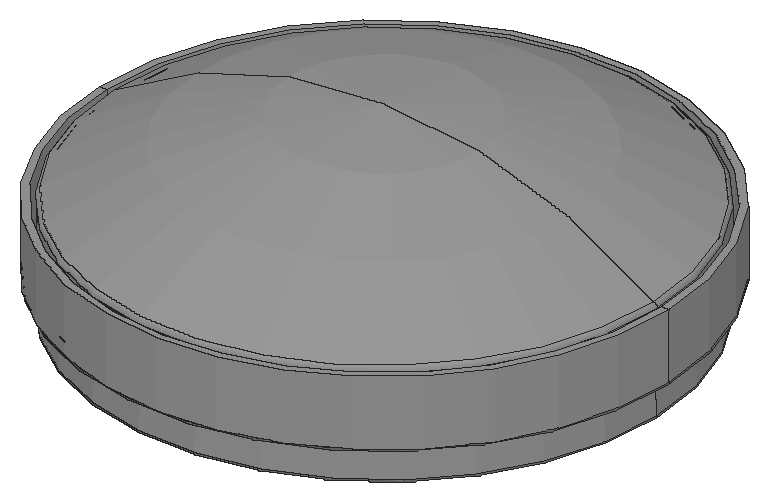
Revit family "3034809 Sylvania Lighting Fixture GIOTTO335 LED G2 3000K SURFACE MW", category Lighting Fixtures, host Face, Revit 2016
Family settings
  Host = Face
  Part Type = Normal
  Round Connector Dimension = Use Diameter
  OmniClass Number = 23.80.70.00
  OmniClass Title = Lighting
  Cut with Voids When Loaded = No
  Light Source = Yes
  Shared = No
  Room Calculation Point = No
Parameters (values of type "3034809 GIOTTO335 LED G2 SURFACE 3000K MW")
  Weight = "1.2 kg"
  Wattage Comments = ""
  Wattage = 23 W
  WarrantyStartDate [instance] = "n/a"
  WarrantyGuarantorParts = "n/a"
  WarrantyDurationUnit = "n/a"
  WarrantyDurationParts = "n/a"
  WarrantyDescription = "n/a"
  built-in parameter 1150110 = 1 (stored number, unit not read)
  Voltage = 230 V
  URL = "http://www.sylvania-lighting.com"
  TypeName = "GIOTTO335 LED G2 3000K SURFACE MW"
  Type Image = <None>
  Type Comments = "n/a"
  built-in parameter 1114217 = 1 (stored number, unit not read)
  Tilt Angle = -90.00°
  built-in parameter 1150109 = 1 (stored number, unit not read)
  built-in parameter 1150134 = (empty or 0)
  built-in parameter 1150113 = 1 (stored number, unit not read)
  SerialNumber [instance] = "n/a"
  Photometric Web File = "3034809.ies"
  Material_3_SYL = LED-Sylvania
  PowerFactor = 0
  PowerConsumption = "23 W"
  NominalLength = 335 mm
  NominalHeight = 110 mm
  NominalDepth = 335 mm
  Name = "GIOTTO335 LED G2 3000K SURFACE MW"
  ModelReference = Name  # "GIOTTO335 LED G2 3000K SURFACE MW"
  ModelNumber = "3034809"
  Model = Name  # "GIOTTO335 LED G2 3000K SURFACE MW"
  Material = "polycarbonate housing, polycarbonate diffuser"
  ManufacturerName = "Feilo Sylvania"
  Manufacturer = "Feilo Sylvania"
  LuminousEfficacy = "92 lm/W"
  built-in parameter 1150105 = 647.62 (stored number, unit not read)
  Lumens = 2116 lm
  LuminaireType = ""
  built-in parameter 1150115 = 1 (stored number, unit not read)
  LightOutputRatio = "n/a"
  built-in parameter 1150137 = (empty or 0)
  built-in parameter 1150139 = (empty or 0)
  LampsType = Lamp  # "LED"
  LampNominalLuminous = "2111 lm"
  LampMacAdamStep = "n/a"
  LampColourTemperature = "3000 K"
  LampColourRenderingIndex = "80"
  built-in parameter 1150112 = 1 (stored number, unit not read)
  built-in parameter 1150114 = 1 (stored number, unit not read)
  Lamp = "LED"
  Keynote = "16500"
  InstallationDate [instance] = "n/a"
  InputVoltage = "n/a"
  InputNominalFrequency = "n/a"
  built-in parameter 1150132 = (empty or 0)
  built-in parameter 1150102 = (empty or 0)
  built-in parameter 1150107 = 3000 (stored number, unit not read)
  built-in parameter 1150138 = (empty or 0)
  IngressProtection = "IP44"
  ImpactProtectionIndex = "IK10"
  built-in parameter 1150106 = 6.4762 (stored number, unit not read)
  IfcExportType = "IfcLightFixtureType"
  IfcExportAs = "IfcLightFixtureType"
  Height_SYL = 110 mm
  ExpectedLife = 50000
  Emit from Circle Diameter = 317 mm
  Emit Shape Visible in Rendering = no
  ElectricShockClassification = "Class I"
  built-in parameter 1150104 = 8.5471 (stored number, unit not read)
  DurationUnit = "hours"
  DocumentationLiterature = "http://www.sylvania-lighting.com/product/en-int/products/3034809"
  DimmingControlOptions = "n/a"
  Material_2_SYL = Polycarbonate_Sylvania_Giotto_Opal
  Dimming Lamp Color Temperature Shift = <None>
  DiffuserRadius_SYL = 282.611 mm
  Diameter_SYL = 335 mm
  Description = "Ambient and decorative round, surface mounted LED bulkhead luminaire. White robust polycarbonate body with opal diffuser, 2111 lm, 23W, 92lm/W, 3000K, CRI 80, non-dimmable, integral microwave sensor. 50,000 hours lumen maintenance. Drive current: 700mA, IP44, IK10, Class I, 220-240V, Energy class: A++, A+, A."
  Default Elevation = 1219.2 mm
  CreatedOn = "9/13/2018"
  CreatedBy = "@sylvania-lighting.com"
  Cost = 0
  Color Filter = 16777215
  built-in parameter 1114216 [instance] = (empty or 0)
  ClassificationValue = "EF_70_80"
  ClassificationName = "Uniclass2015"
  Material_1_SYL = Polycarbonate_Sylvania_Giotto_White
  BarCode [instance] = "n/a"
  built-in parameter 1114218 = 1 (stored number, unit not read)
  built-in parameter 1150133 = 10 (stored number, unit not read)
  AssetType = "Fixed"
  AssetIdentifier [instance] = "n/a"
  Assembly Code = "D5020200"
  Apparent Load = 23 VA
  Material_4_SYL = none
Reference planes
  plane 1 "Center (Front/Back)": y = 0
  plane 2: z = 0
  plane 3 "Center (Left/Right)": x = 0
  plane 4: x = 167.5
  plane 5: x = -167.5
  plane 6: x = -160.5
  plane 7: x = -163.5
  plane 8: z = 110
  plane 9: z = 60
  plane 10: z = 20
  plane 11: z = 25
  plane 12: x = -165.9
  plane 13: z = 21.6
  plane 14: z = 1.6
  plane 15: x = -158.9
  plane 16: z = 19
  plane 17: x = -161.5
  plane 18: z = 26
Forms (mm)
  Revolve 1, solid, material "Polycarbonate_Sylvania_Giotto_White" <- "Material_1_SYL"
    sketch origin (0, 0, 0) x (1, 0, 0) y (0, 0, 1)
      loop
        line (0, 0) -> (0, 26) -> (-158.9, 26) -> (-158.9, 25) -> (-163.5, 25) -> (-163.5, 60) -> (-167.5, 60) -> (-167.5, 21.6)
        arc (-167.5, 21.6) -> (-167.031, 20.469) -> (-165.9, 20) r 1.6
        line (-165.9, 20) -> (-160.5, 20)
        arc (-160.5, 20) -> (-160.193, 19.541) -> (-160.086, 19) r 1.414
        line (-160.086, 19) -> (-160.5, 1.6)
        arc (-160.5, 1.6) -> (-160.031, 0.469) -> (-158.9, 0) r 1.6
        line (-158.9, 0) -> (0, 0)
      axis (0, 60) -> (0, 0)
    angle from 360 to 0
  Revolve 2, solid, material "Polycarbonate_Sylvania_Giotto_Opal" <- "Material_2_SYL"
    sketch origin (0, 0, 0) x (1, 0, 0) y (0, 0, 1)
      loop
        line (-160.5, 25) -> (-158.5, 25) -> (-158.5, 57.891)
        arc (-158.5, 57.891) -> (-158.267, 58.827) -> (-157.623, 59.545) r 2
        arc (-157.623, 59.545) -> (-82.451, 95.612) -> (0, 107.998) r 280.611
        line (0, 107.998) -> (0, 109.998)
        arc (0, 109.998) -> (-83.039, 97.523) -> (-158.747, 61.2) r 282.611
        arc (-158.747, 61.2) -> (-160.035, 59.763) -> (-160.5, 57.891) r 4
        line (-160.5, 57.891) -> (-160.5, 25)
      axis (0, 109.998) -> (0, 25)
    angle from 360 to 0
Dimensions and locks
  equal spacing: plane 4, plane 3 "Center (Left/Right)", plane 5
  "Diameter_SYL": plane 4 to plane 5
  locked: plane 6 to plane 5 at 7
  locked: plane 7 to plane 5 at 4
  "Height_SYL": plane 8 to plane 2
  locked: plane 8 to plane 9 at 50
  locked: plane 9 to plane 10 at 40
  Revolve 1 sketch curve to Revolve 1 sketch curve = 5.4 mm
  locked: plane 11 to plane 10 at 5
  locked: plane 12 to plane 5 at 1.6
  locked: plane 13 to plane 10 at 1.6
  locked: plane 14 to plane 2 at 1.6
  locked: plane 15 to plane 6 at 1.6
  locked: plane 6 to plane 17 at 1
  locked: plane 10 to plane 16 at 1
  locked: plane 18 to plane 11 at 1
  "DiffuserRadius_SYL": radius of Revolve 2 sketch curve
  aligned and locked: plane 2 to host face
  aligned and locked: level to host face
  aligned and locked: Revolve 1 sketch curve to plane 3 "Center (Left/Right)"
  aligned and locked: level to Revolve 1 sketch curve
  aligned and locked: Revolve 1 sketch curve to plane 10
  aligned and locked: plane 9 to Revolve 1 sketch curve
  aligned and locked: Revolve 1 sketch curve to plane 7
  aligned and locked: plane 12 to Revolve 1 sketch curve  (x2)
  aligned and locked: plane 13 to Revolve 1 sketch curve  (x2)
  aligned and locked: plane 17 to Revolve 1 sketch curve
  aligned and locked: plane 16 to Revolve 1 sketch curve  (x2)
  aligned and locked: plane 15 to Revolve 1 sketch curve  (x3)
  aligned and locked: plane 14 to Revolve 1 sketch curve  (x2)
  aligned and locked: Revolve 2 sketch curve to plane 3 "Center (Left/Right)"
  aligned and locked: plane 6 to Revolve 2 sketch curve
  aligned and locked: Revolve 2 sketch curve to Revolve 2 sketch curve
  aligned and locked: plane 3 "Center (Left/Right)" to imposter light
  aligned and locked: imposter light to plane 1 "Center (Front/Back)"
  aligned and locked: plane 18 to Revolve 1 sketch curve
  aligned and locked: plane 11 to Revolve 1 sketch curve
  aligned and locked: plane 11 to Revolve 2 sketch curve
  aligned and locked: plane 3 "Center (Left/Right)" to Revolve 2 sketch curve
  aligned and locked: imposter light to plane 8
Automatic sketch dimensions
  host sketch curve to host sketch curve = 2438.4 mm  (x2)
  Revolve 1 sketch curve to plane 3 "Center (Left/Right)" = 0 mm
  Revolve 1 sketch curve to level = 609.6 mm
  Revolve 1 sketch curve to plane 8 = 2499.058 mm
  Revolve 2 sketch curve to Revolve 2 sketch curve = 0 mm  (x3)
  plane 15 to Revolve 2 sketch curve = 0.4 mm
  Revolve 2 sketch curve to Revolve 2 sketch curve = 2 mm  (x2)
  Revolve 2 sketch curve to level = 172.613 mm
  plane 9 to Revolve 2 sketch curve = 2.109 mm
  Revolve 2 sketch curve to Revolve 2 sketch curve = 436.987 mm
  Revolve 2 sketch curve to plane 8 = 2499.058 mm
Connectors
  electrical at (0, 0, 0), driven by "Apparent Load", driven by "PowerFactor", driven by "Voltage"
    settings: index 1, voltage 230 V, apparent load 23 VA, apparent load phase1 0 VA, apparent load phase2 0 VA, apparent load phase3 0 VA, power factor 0, load classification "Lighting", number of poles 1, system type 30, power factor state 1, is connector primary yes, connector utility no, sub classification motor no, connector description ""
